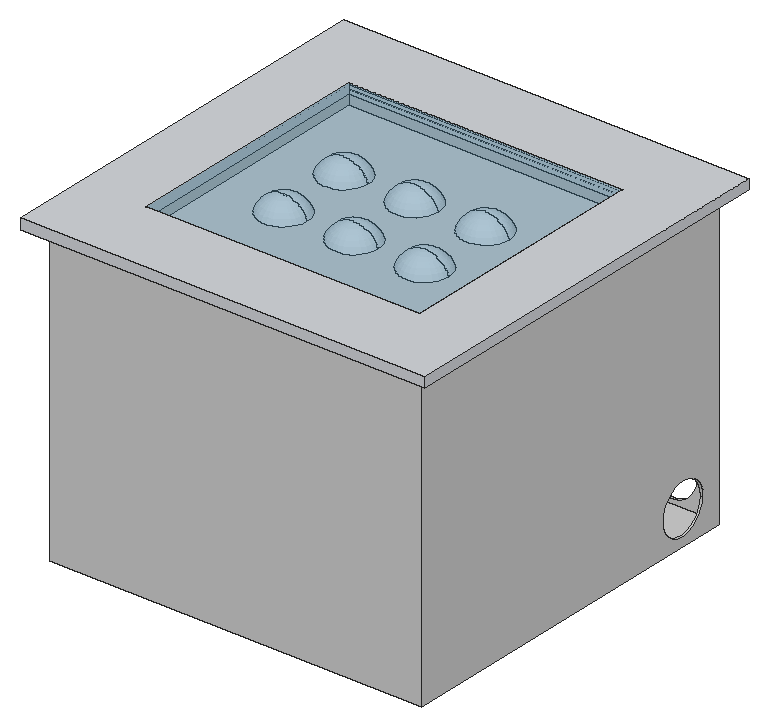
Revit family "WALL SQUARE 6W ASIMETRICA_LKC0635A_WW", category Luminarias, Revit 2019
Family settings
  Cota de conector redondo = Diámetro de uso
  Tipo de pieza = Normal
  Se basa en plano de trabajo = Sí
  Siempre vertical = No
  Corte con vacíos al cargar = No
  Origen de luz = Sí
  Compartido = No
  Punto de cálculo de habitación = No
Parameters (values of type "EMP_LKC0635A")
  Ángulo de inclinación = 105.00°
  Ángulo de enfoque = 35.00°
  Ángulo de campo de foco = 45.00°
  Zone [instance] = ""
  Watt per fixture = 6
  Wattage = 6 W
  built-in parameter 1150107 = 2000 (stored number, unit not read)
  built-in parameter 1150110 = 1 (stored number, unit not read)
  built-in parameter 1150109 = 1 (stored number, unit not read)
  built-in parameter 1150112 = 1 (stored number, unit not read)
  built-in parameter 1150113 = 1 (stored number, unit not read)
  built-in parameter 1114218 = 1 (stored number, unit not read)
  Keynote = ""
  built-in parameter 1150137 = (empty or 0)
  built-in parameter 1150132 = (empty or 0)
  Modelo = "LKC0635A"
  Lámpara = "OSRAM"
  Longitud de símbolo de origen de luz = 500 mm
  Longitud [instance] = 1000 mm
  built-in parameter 1150105 = 1595.9 (stored number, unit not read)
  built-in parameter 1150102 = (empty or 0)
  built-in parameter 1150106 = 15.959 (stored number, unit not read)
  Lumens = 246.96 lm
  Color Filter = 16777215
  built-in parameter 1114217 = 1 (stored number, unit not read)
  built-in parameter 1150139 = (empty or 0)
  Fabricante = "BRILLANT"
  Default Elevation = 0 mm
  built-in parameter 1150104 = 3.8239 (stored number, unit not read)
  Descripción = "LUMINARIA TIPO CUADRADO PARA EMPOTRAR EN PISO CON CUERPO DE ALUMINIO FUNDIDO A PRESION, CUBIERTO CON POLVO GRIS OSCURO CON CUBIERTA DE ACERO INOXIDABLE Y VIDRIO TEMPLADO DE 8MM, HOUSING DE METAL 1.5MM CUBIERTO DE POLVO GRIS OSCURO DE 160MM Y 118MM DE PROFUNDO CON PESO DE 2.5KG. CUENTA CON 6 LED TIPO OSRAM CON UNA POTENCIA TOTAL DE 6W, TEMPERATURA EN BLANCO ULTRA CALIDO EN 2000K CON 247 LUMENES, IP67, IK09, IRC 80 APERTURA ASIMETRICA DE 45X35 GRADOS POR STOCK, ALIMENTADA A 100-240V."
  built-in parameter 1150115 = 1 (stored number, unit not read)
  built-in parameter 1150114 = 1 (stored number, unit not read)
  Comentarios de vataje = "100-240V"
  built-in parameter 1150138 = (empty or 0)
  built-in parameter 1150134 = (empty or 0)
  Circuit [instance] = ""
  Dimming Lamp Color Temperature Shift = (empty or 0)
  Ancho = 160 mm
  built-in parameter 1150133 = 10 (stored number, unit not read)
Types (2, lengths in mm): name | built-in parameter 1150107 | Modelo | Descripción
  EMP_LKC0635A | 2000 (stored number, unit not read) | "LKC0635A" | "LUMINARIA TIPO CUADRADO PARA EMPOTRAR EN PISO CON CUERPO DE ALUMINIO FUNDIDO A PRESION, CUBIERTO CON POLVO GRIS OSCURO CON CUBIERTA DE ACERO INOXIDABLE Y VIDRIO TEMPLADO DE 8MM, HOUSING DE METAL 1.5MM CUBIERTO DE POLVO GRIS OSCURO DE 160MM Y 118MM DE PROFUNDO CON PESO DE 2.5KG. CUENTA CON 6 LED TIPO OSRAM CON UNA POTENCIA TOTAL DE 6W, TEMPERATURA EN BLANCO ULTRA CALIDO EN 2000K CON 247 LUMENES, IP67, IK09, IRC 80 APERTURA ASIMETRICA DE 45X35 GRADOS POR STOCK, ALIMENTADA A 100-240V."
  EMP_LKC0635WW | 3000 (stored number, unit not read) | "LKC0635WW" | "LUMINARIA TIPO CUADRADO PARA EMPOTRAR EN PISO CON CUERPO DE ALUMINIO FUNDIDO A PRESION, CUBIERTO CON POLVO GRIS OSCURO CON CUBIERTA DE ACERO INOXIDABLE Y VIDRIO TEMPLADO DE 8MM, HOUSING DE METAL 1.5MM CUBIERTO DE POLVO GRIS OSCURO DE 160MM Y 118MM DE PROFUNDO CON PESO DE 2.5KG. CUENTA CON 6 LED TIPO OSRAM CON UNA POTENCIA TOTAL DE 6W, TEMPERATURA EN BLANCO CALIDO EN 3000K CON 247 LUMENES, IP67, IK09, IRC 80 APERTURA ASIMETRICA DE 45X35 GRADOS POR STOCK, ALIMENTADA A 100-240V."
Reference planes
  plane 1 "Centro (Frontal/Posterior)": y = 0
  plane 2: z = 0
  plane 3 "Centro (Izquierda/Derecha)": x = 0
  plane 4: z = -79
  plane 5: x = -80
  plane 6: x = 80
  plane 7: y = 80
  plane 8: y = -80
  plane 9: z = -118
Forms (mm)
  Extrusion 1, solid
    sketch origin (0, 0, 0) x (1, 0, 0) y (0, 1, 0)
      loop
        line (-80, 80) -> (-80, -80) -> (80, -80) -> (80, 80) -> (-80, 80)
      loop
        line (-54.094, 50.157) -> (-54.094, -50.157) -> (54.094, -50.157) -> (54.094, 50.157) -> (-54.094, 50.157)
    from 0 to 4.111
  Extrusion 2, solid, material "Cristal"
    sketch origin (0, 0, 0) x (1, 0, 0) y (0, 1, 0)
      loop
        line (-54.094, 50.157) -> (-54.094, -50.157) -> (54.094, -50.157) -> (54.094, 50.157) -> (-54.094, 50.157)
    from 3.463 to 4.111
  Extrusion 3, solid, material "Acero Inoxidable"
    sketch origin (0, 0, 0) x (1, 0, 0) y (0, 1, 0)
      loop
        line (-67.186, 68.008) -> (-67.186, -68.008) -> (67.186, -68.008) -> (67.186, 68.008) -> (-67.186, 68.008)
    from -11.843 to -3.924
  Revolve 4, solid
    sketch origin (-12.115, -15, 0) x (-1, 0, 0) y (0, 0, 1)
      loop
        line (-21.594, -3.924) -> (-12.115, -3.924) -> (-12.115, 2.514)
        arc (-12.115, 2.514) -> (-17.844, 0.752) -> (-21.594, -3.924) r 10.197
      axis (-12.115, -3.924) -> (-12.115, 2.514)
    angle from 0 to 360
  Revolve 5, solid
    sketch origin (-15.865, -15, 0) x (1, 0, 0) y (0, 0, -1)
      loop
        arc (-21.594, 3.924) -> (-17.844, -0.752) -> (-12.115, -2.514) r 10.197
        line (-12.115, -2.514) -> (-12.115, 3.924) -> (-21.594, 3.924)
      axis (-12.115, 3.924) -> (-12.115, -2.514)
    angle from 0 to 360
  Extrusion 6, solid, material "Acero Inoxidable"
    sketch origin (0, 0, 0) x (1, 0, 0) y (0, 1, 0)
      loop
        line (-67.186, 68.008) -> (-67.186, -68.008) -> (67.186, -68.008) -> (67.186, 68.008) -> (-67.186, 68.008)
      loop
        line (-54.094, 50.157) -> (-54.094, -50.157) -> (54.094, -50.157) -> (54.094, 50.157) -> (-54.094, 50.157)
    from -3.924 to 2.027
  Revolve 7, solid
    sketch origin (-12.115, 15, 0) x (-1, 0, 0) y (0, 0, -1)
      loop
        arc (-21.594, 3.924) -> (-17.844, -0.752) -> (-12.115, -2.514) r 10.197
        line (-12.115, -2.514) -> (-12.115, 3.924) -> (-21.594, 3.924)
      axis (-12.115, 3.924) -> (-12.115, -2.514)
    angle from 0 to 360
  Revolve 8, solid
    sketch origin (-15.865, 15, 0) x (1, 0, 0) y (0, 0, 1)
      loop
        line (-21.594, -3.924) -> (-12.115, -3.924) -> (-12.115, 2.514)
        arc (-12.115, 2.514) -> (-17.844, 0.752) -> (-21.594, -3.924) r 10.197
      axis (-12.115, -3.924) -> (-12.115, 2.514)
    angle from 0 to 360
  Extrusion 9, solid, material "Acero Inoxidable"
    sketch origin (0, 0, 0) x (1, 0, 0) y (0, 1, 0)
      loop
        line (-63.03, 63.784) -> (-63.03, 25.405)
        arc (-63.03, 25.405) -> (-60.985, 23.359) -> (-63.03, 21.314) r 2.045
        line (-63.03, 21.314) -> (-63.03, 18.757)
        arc (-63.03, 18.757) -> (-60.985, 16.712) -> (-63.03, 14.666) r 2.045
        line (-63.03, 14.666) -> (-63.03, 12.109)
        arc (-63.03, 12.109) -> (-60.985, 10.064) -> (-63.03, 8.019) r 2.045
        line (-63.03, 8.019) -> (-63.03, 5.462)
        arc (-63.03, 5.462) -> (-60.985, 3.416) -> (-63.03, 1.371) r 2.045
        line (-63.03, 1.371) -> (-63.03, -18.871)
        arc (-63.03, -18.871) -> (-60.985, -20.916) -> (-63.03, -22.962) r 2.045
        line (-63.03, -22.962) -> (-63.03, -25.519)
        arc (-63.03, -25.519) -> (-60.985, -27.564) -> (-63.03, -29.609) r 2.045
        line (-63.03, -29.609) -> (-63.03, -32.166)
        arc (-63.03, -32.166) -> (-60.985, -34.212) -> (-63.03, -36.257) r 2.045
        line (-63.03, -36.257) -> (-63.03, -38.814)
        arc (-63.03, -38.814) -> (-60.985, -40.859) -> (-63.03, -42.905) r 2.045
        line (-63.03, -42.905) -> (-63.03, -63.784) -> (63.03, -63.784) -> (63.03, -42.905)
        arc (63.03, -42.905) -> (60.985, -40.859) -> (63.03, -38.814) r 2.045
        line (63.03, -38.814) -> (63.03, -36.257)
        arc (63.03, -36.257) -> (60.985, -34.212) -> (63.03, -32.166) r 2.045
        line (63.03, -32.166) -> (63.03, -29.609)
        arc (63.03, -29.609) -> (60.985, -27.564) -> (63.03, -25.519) r 2.045
        line (63.03, -25.519) -> (63.03, -22.962)
        arc (63.03, -22.962) -> (60.985, -20.916) -> (63.03, -18.871) r 2.045
        line (63.03, -18.871) -> (63.03, 1.371)
        arc (63.03, 1.371) -> (60.985, 3.416) -> (63.03, 5.462) r 2.045
        line (63.03, 5.462) -> (63.03, 8.019)
        arc (63.03, 8.019) -> (60.985, 10.064) -> (63.03, 12.109) r 2.045
        line (63.03, 12.109) -> (63.03, 14.666)
        arc (63.03, 14.666) -> (60.985, 16.712) -> (63.03, 18.757) r 2.045
        line (63.03, 18.757) -> (63.03, 21.314)
        arc (63.03, 21.314) -> (60.985, 23.359) -> (63.03, 25.405) r 2.045
        line (63.03, 25.405) -> (63.03, 63.784) -> (-63.03, 63.784)
    from -79 to -11.843
  Extrusion 10, solid, material "Acero Inoxidable"
    sketch origin (0, 0, 0) x (1, 0, 0) y (0, 1, 0)
      loop
        line (30.126, 56.971) -> (26.662, 62.97) -> (19.735, 62.97) -> (16.271, 56.971) -> (19.735, 50.971) -> (26.662, 50.971) -> (30.126, 56.971)
    from -84.158 to -79
  Revolve 11, solid, material "Default Form"
    sketch origin (11.084, 39.506, -84.082) x (-1, 0, 0) y (0, 0, -1)
      loop
        line (-17.857, 0.076) -> (-12.115, 0.076) -> (-12.115, 3.18)
        arc (-12.115, 3.18) -> (-15.379, 2.354) -> (-17.857, 0.076) r 6.863
      axis (-12.115, 0.076) -> (-12.115, 3.18)
    angle from 0 to 360
  Extrusion 12, solid, material "Default Form"
    sketch origin (0, 0, 0) x (1, 0, 0) y (0, 1, 0)
      loop
        circle (23.199, 57.006) r 3.292
    from -113.143 to -81.094
  Extrusion 13, solid, material "Acero Inoxidable"
    sketch origin (0, 0, 0) x (1, 0, 0) y (0, 1, 0)
      loop
        line (-73.5, 73.5) -> (-73.5, -73.5) -> (73.5, -73.5) -> (73.5, 73.5) -> (-73.5, 73.5)
      loop
        line (-72.5, 72.5) -> (-72.5, -72.5) -> (72.5, -72.5) -> (72.5, 72.5) -> (-72.5, 72.5)
    from -118 to 0
  Extrusion 14, void
    sketch origin (0, 0, -25.625) x (1, 0, 0) y (0, 0, 1)
      loop
        circle (55.705, -79) r 10
    from -73.5 to -50.508
  Extrusion 15, void
    sketch origin (0, 0, -25.625) x (0, 1, 0) y (0, 0, 1)
      loop
        circle (55.7, -79) r 10
    from 49.686 to 73.5
  Extrusion 16, solid, material "Acero Inoxidable"
    sketch origin (0, 0, 0) x (1, 0, 0) y (0, 1, 0)
      loop
        line (73.5, 73.5) -> (-73.5, 73.5) -> (-73.5, -73.5) -> (73.5, -73.5) -> (73.5, 73.5)
    from -118 to -116.348
  Revolve 17, solid
    sketch origin (15.865, -15, 0) x (-1, 0, 0) y (0, 0, 1)
      loop
        line (-21.594, -3.924) -> (-12.115, -3.924) -> (-12.115, 2.514)
        arc (-12.115, 2.514) -> (-17.844, 0.752) -> (-21.594, -3.924) r 10.197
      axis (-12.115, -3.924) -> (-12.115, 2.514)
    angle from 0 to 360
  Revolve 18, solid
    sketch origin (15.865, 15, 0) x (-1, 0, 0) y (0, 0, -1)
      loop
        arc (-21.594, 3.924) -> (-17.844, -0.752) -> (-12.115, -2.514) r 10.197
        line (-12.115, -2.514) -> (-12.115, 3.924) -> (-21.594, 3.924)
      axis (-12.115, 3.924) -> (-12.115, -2.514)
    angle from 0 to 360
Cuts and joins
  joined: Extrusion 3, Extrusion 6
  Extrusion 14, Extrusion 15 cuts Extrusion 9
  Extrusion 14, Extrusion 15 cuts Extrusion 13
  joined: Extrusion 13, Extrusion 16
Dimensions and locks
  level to plane 4 = 79 mm
  equal spacing: plane 5, plane 3 "Centro (Izquierda/Derecha)", plane 6
  plane 5 to plane 3 "Centro (Izquierda/Derecha)" = 80 mm
  "Ancho": plane 5 to plane 6
  equal spacing: plane 7, plane 1 "Centro (Frontal/Posterior)", plane 8
  plane 1 "Centro (Frontal/Posterior)" to plane 7 = 80 mm
  "Ancho": plane 7 to plane 8
  plane 2 to plane 4 = 79 mm
  plane 2 to plane 9 = 118 mm
  equal spacing: Extrusion 1 sketch curve, plane 1 "Centro (Frontal/Posterior)", Extrusion 1 sketch curve
  equal spacing: Extrusion 1 sketch curve, plane 3 "Centro (Izquierda/Derecha)", Extrusion 1 sketch curve
  equal spacing: Extrusion 3 sketch curve, plane 3 "Centro (Izquierda/Derecha)", Extrusion 3 sketch curve
  equal spacing: Extrusion 3 sketch curve, plane 1 "Centro (Frontal/Posterior)", Extrusion 3 sketch curve
  aligned and locked: level to plane 2
  aligned and locked: Extrusion 1 sketch curve to plane 7
  aligned and locked: plane 5 to Extrusion 1 sketch curve
  aligned and locked: plane 8 to Extrusion 1 sketch curve
  aligned and locked: Extrusion 1 sketch curve to plane 6
  aligned and locked: Extrusion 2 sketch curve to Extrusion 1  (x4)
  aligned and locked: Extrusion 1 to Extrusion 2
  aligned and locked: Extrusion 13 to plane 9
Automatic sketch dimensions
  plane 5 to Extrusion 1 sketch curve = 25.906 mm
  plane 8 to Extrusion 1 sketch curve = 29.843 mm
  plane 5 to Extrusion 3 sketch curve = 12.814 mm
  plane 8 to Extrusion 3 sketch curve = 11.992 mm
  Revolve 4 sketch curve to plane 3 "Centro (Izquierda/Derecha)" = 0 mm  (x2)
  Revolve 4 sketch curve to level = 3.924 mm
  plane 3 "Centro (Izquierda/Derecha)" to Revolve 4 sketch curve = 9.479 mm
  Revolve 4 sketch curve to Revolve 4 sketch curve = 3.759 mm
  Revolve 4 sketch curve to Revolve 4 sketch curve = 0 mm
  Revolve 4 sketch curve to Revolve 4 sketch curve = 15 mm
  Revolve 5 sketch curve to level = 3.924 mm
  Revolve 5 sketch curve to plane 3 "Centro (Izquierda/Derecha)" = 37.459 mm
  level to Revolve 5 sketch curve = 2.514 mm
  Revolve 5 sketch curve to Revolve 5 sketch curve = 9.479 mm
  Revolve 5 sketch curve to Revolve 5 sketch curve = 0 mm  (x2)
  Revolve 5 sketch curve to Revolve 5 sketch curve = 15 mm
  plane 5 to Extrusion 6 sketch curve = 12.814 mm
  Extrusion 6 sketch curve to Extrusion 6 sketch curve = 13.092 mm
  Extrusion 6 sketch curve to plane 6 = 25.906 mm
  Extrusion 6 sketch curve to plane 6 = 12.814 mm
  plane 8 to Extrusion 6 sketch curve = 11.992 mm
  Extrusion 6 sketch curve to Extrusion 6 sketch curve = 17.851 mm
  Extrusion 6 sketch curve to plane 7 = 29.843 mm
  Extrusion 6 sketch curve to plane 7 = 11.992 mm
  Revolve 7 sketch curve to plane 3 "Centro (Izquierda/Derecha)" = 0 mm  (x2)
  Revolve 7 sketch curve to level = 3.924 mm
  plane 3 "Centro (Izquierda/Derecha)" to Revolve 7 sketch curve = 9.479 mm
  level to Revolve 7 sketch curve = 2.514 mm
  Revolve 7 sketch curve to Revolve 7 sketch curve = 0 mm
  Revolve 7 sketch curve to Revolve 7 sketch curve = 15 mm
  Revolve 8 sketch curve to level = 3.924 mm
  Revolve 8 sketch curve to plane 3 "Centro (Izquierda/Derecha)" = 37.459 mm
  level to Revolve 8 sketch curve = 2.514 mm
  Revolve 8 sketch curve to Revolve 8 sketch curve = 9.479 mm
  Revolve 8 sketch curve to Revolve 8 sketch curve = 0 mm  (x2)
  Revolve 8 sketch curve to Revolve 8 sketch curve = 15 mm
  plane 5 to Extrusion 9 sketch curve = 16.97 mm
  Extrusion 9 sketch curve to plane 6 = 16.97 mm
  plane 8 to Extrusion 9 sketch curve = 16.216 mm
  Extrusion 9 sketch curve to Extrusion 9 sketch curve = 20.879 mm  (x2)
  Extrusion 9 sketch curve to Extrusion 9 sketch curve = 2.045 mm  (x16)
  Extrusion 9 sketch curve to Extrusion 9 sketch curve = 2.557 mm  (x12)
  Extrusion 9 sketch curve to plane 1 "Centro (Frontal/Posterior)" = 1.371 mm  (x2)
  Extrusion 9 sketch curve to plane 7 = 16.216 mm
  plane 3 "Centro (Izquierda/Derecha)" to Extrusion 10 sketch curve = 16.271 mm
  Extrusion 10 sketch curve to Extrusion 10 sketch curve = 3.464 mm  (x3)
  Extrusion 10 sketch curve to Extrusion 10 sketch curve = 6.928 mm  (x2)
  Extrusion 10 sketch curve to plane 7 = 29.029 mm
  Extrusion 10 sketch curve to Extrusion 10 sketch curve = 6 mm  (x3)
  Revolve 11 sketch curve to plane 4 = 5.158 mm
  plane 3 "Centro (Izquierda/Derecha)" to Revolve 11 sketch curve = 28.941 mm
  Revolve 11 sketch curve to Revolve 11 sketch curve = 5.742 mm
  Revolve 11 sketch curve to plane 4 = 1.398 mm
  Revolve 11 sketch curve to Revolve 11 sketch curve = 0 mm
  Revolve 11 sketch curve to Revolve 11 sketch curve = 3.334 mm
  Revolve 11 sketch curve to plane 9 = 6.596 mm
  plane 3 "Centro (Izquierda/Derecha)" to Extrusion 12 sketch curve = 23.199 mm
  Extrusion 12 sketch curve to plane 7 = 22.994 mm
  plane 5 to Extrusion 13 sketch curve = 6.5 mm
  Extrusion 13 sketch curve to Extrusion 13 sketch curve = 1 mm  (x4)
  Extrusion 13 sketch curve to plane 6 = 7.5 mm
  plane 8 to Extrusion 13 sketch curve = 6.5 mm
  Extrusion 13 sketch curve to plane 7 = 7.5 mm
  Extrusion 14 sketch curve to plane 6 = 24.295 mm
  plane 9 to Extrusion 14 sketch curve = 13.375 mm
  Extrusion 15 sketch curve to plane 7 = 24.3 mm
  plane 9 to Extrusion 15 sketch curve = 13.375 mm
  plane 5 to Extrusion 16 sketch curve = 6.5 mm
  Extrusion 16 sketch curve to plane 6 = 6.5 mm
  plane 8 to Extrusion 16 sketch curve = 6.5 mm
  Extrusion 16 sketch curve to plane 7 = 6.5 mm
  Revolve 17 sketch curve to level = 3.924 mm
  plane 3 "Centro (Izquierda/Derecha)" to Revolve 17 sketch curve = 37.459 mm
  level to Revolve 17 sketch curve = 2.514 mm
  Revolve 17 sketch curve to Revolve 17 sketch curve = 9.479 mm
  Revolve 17 sketch curve to Revolve 17 sketch curve = 0 mm  (x2)
  Revolve 17 sketch curve to Revolve 17 sketch curve = 15 mm
  Revolve 18 sketch curve to level = 3.924 mm
  plane 3 "Centro (Izquierda/Derecha)" to Revolve 18 sketch curve = 37.459 mm
  level to Revolve 18 sketch curve = 2.514 mm
  Revolve 18 sketch curve to Revolve 18 sketch curve = 9.479 mm
  Revolve 18 sketch curve to Revolve 18 sketch curve = 0 mm  (x2)
  Revolve 18 sketch curve to Revolve 18 sketch curve = 15 mm
  radius of Extrusion 12 sketch curve = 3.292 mm
  radius of Extrusion 14 sketch curve = 10 mm
  radius of Extrusion 15 sketch curve = 10 mm
Connectors
  electrical at (0, 0, -116.348)
    settings: on cut or joined group of Extrusion 13, Extrusion 14, Extrusion 15, Extrusion 16, index 1, voltage 240 V, apparent load 0 VA, apparent load phase1 0 VA, apparent load phase2 0 VA, apparent load phase3 0 VA, power factor 1, load classification "Otro", number of poles 1, system type 31, power factor state 1, is connector primary yes, connector utility no, sub classification motor no, connector description ""
